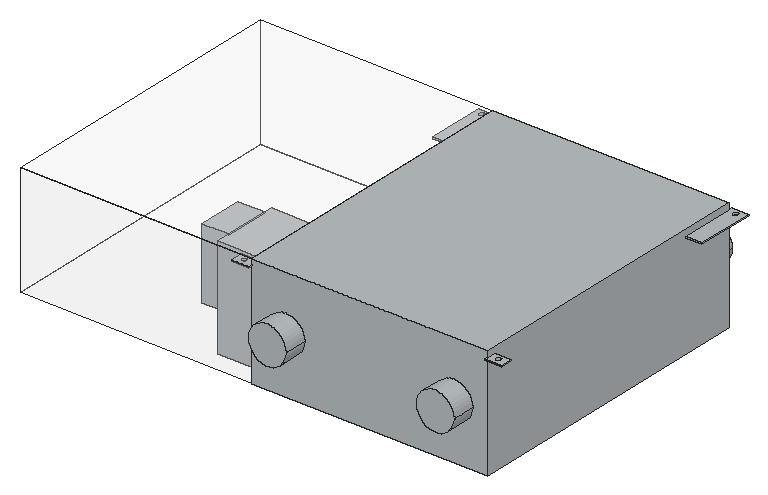
Revit family "lgh-rn15_100rxv(d)-c_60Hz", category 機械設備, Revit 2019
Family settings
  丸型コネクタ寸法 = 直径を使用
  パーツ タイプ = 割り込み
  OmniClass 番号 = 23.75.10.34.21
  OmniClass タイトル = Heat Exchangers for Ventilation Air
  作業面ベース = いいえ
  常に垂直 = はい
  ロード時にボイドで切り取り = いいえ
  共有 = いいえ
  部屋計算ポイント = はい
Parameters (values of type "LGH-RN15RXV2-C")
  騒音レベル(dB(A)) = 31
  風量 = MAX風量  # 150.0 m³/h
  面風速 = 5.31 m/s
  電源種別 [instance] = "一般"
  電圧 = 100 V
  電動機出力 = 0 W
  集中コントローラ = ""
  運転質量 = 0.00 kg
  連動 [instance] = ""
  質量 = if(製品質量 > 運転質量, 製品質量, 運転質量) * 1.2  # 27.60 kg
  負荷分類 = 3_ファン類
  説明 = "業務用ロスナイ 天井埋込形 DCリプレースマイコン CO2センサー付"
  設計風量 = 0.0 m³/h
  設置方法 = "天井吊(隠ぺい)形"
  記号 [instance] = ""
  製造元 = "三菱電機株式会社"
  製品質量 = 23.00 kg
  製品出荷対象 = "国内"
  製品リリース年月 = "2023/5/15"
  製品グループ = ""
  系統 [instance] = ""
  符号 [instance] = "HEU"
  積算_科目 = "1 空気調和設備"
  積算_拾い区分 [instance] = ""
  相 = 1
  盤記号 [instance] = ""
  発停方法 [instance] = ""
  特殊仕様 [instance] = ""
  点検口高さ = -Height / 2  # -145 mm
  点検口 = yes
  火災停止 [instance] = ""
  温度交換効率_特強 = 74.00%
  温度交換効率_強 = 74.00%
  温度交換効率_弱 = 78.00%
  消費電力 = 85 W
  法定耐用年数 = "15"
  機外静圧_排気 = 210.0 Pa
  機外静圧 = 210.0 Pa
  極数 = 2
  材質 [instance] = ""
  本体マテリアル = 溶融亜鉛めっき鋼板
  操作・制御方式 = ""
  操作・制御スイッチ = ""
  排気量 = 0.0 m³/h
  形式 = "天井埋込ダクト形"
  形名 = LGH-RN-1 : LGH-RN15-1
  幹線記号 [instance] = ""
  対象室 [instance] = ""
  実風量 = 0.0 m³/h
  始動方式 [instance] = "直入"
  外気量 = 設計風量  # 0.0 m³/h
  呼称 = "全熱交換ユニット"
  周波数 = 60 Hz
  天吊金具ピッチ幅 = 658 mm
  天吊金具ピッチ奥行 = 768 mm
  参照している仕様書等のバージョン = ""
  初期抵抗 = 0.0 Pa
  分類コード = "50052504100070"
  分類グループ = ""
  価格 = 463200
  企業コード = "108420"
  付属品_フィルター_還気 = ""
  付属品_フィルター = ""
  付属品 [instance] = ""
  仕様書バージョン = "Version1.0"
  モデル = "LGH-RN15RXV2-C"
  ダクト径 = 100 mm
  OAダクト変更表示 = no
  EAダクト変更表示 = no
  サービススペース = yes
  コメント [instance] = ""
  Keynote = ""
  エンタルピ交換効率_暖房_特強 = 75.50%
  エンタルピ交換効率_暖房_強 = 75.50%
  エンタルピ交換効率_暖房_弱 = 79.00%
  エンタルピ交換効率_冷房_特強 = 64.50%
  エンタルピ交換効率_冷房_強 = 64.50%
  エンタルピ交換効率_冷房_弱 = 69.00%
  Width = 610 mm
  Version = ""
  Uniclass2015Version = "Systems v1.9"
  Uniclass2015Title = "Thermal wheels"
  Uniclass2015Code = "Pr_60_60_36_88"
  URL = "https://www.mitsubishielectric.co.jp/ldg/wink/qr/002/324453/"
  SpecificationReference = ""
  SpecificationDescription = ""
  SMAX風量 = 150.0 m³/h
  SMAX静圧 = 210.0 Pa
  SAサイズ_D = 97.5 mm
  Revision = ""
  RAサイズ_D = 97.5 mm
  ProductInformation = ""
  OmniClassCode = "23-27 23 19 11"
  OAサイズ_W = 0 mm
  OAサイズ_D = 97.5 mm
  MIN風量 = 66.0 m³/h
  MIN静圧 = 35.0 Pa
  MID風量 = 108.0 m³/h
  MID静圧 = 93.0 Pa
  MAX風量 = 150.0 m³/h
  MAX静圧 = 180.0 Pa
  M = 59 mm
  IfcTypeProduct = ""
  IfcProduct = ""
  IfcExportType = "ROTARYWHEEL"
  IfcExportAs = "IfcAirToAirHeatRecoveryType"
  Height = 290 mm
  EAサイズ_W = 0 mm
  EAサイズ_D = 97.5 mm
  Depth = 780 mm
  Clearance Top = 0 mm  # constant formula
  Clearance Right = 0 mm  # constant formula
  Clearance Left = 600 mm  # constant formula
  Clearance Front = 0 mm  # constant formula
  Clearance Bottom = 0 mm  # constant formula
  Clearance Back = 0 mm  # constant formula
  Author = "三菱電機株式会社"
Types (14, lengths in mm): name | 騒音レベル(dB(A)) | 風量 | 面風速 | 電圧 | 質量 | 製品質量 | 点検口高さ | 温度交換効率_特強 | 温度交換効率_強 | 温度交換効率_弱 | 消費電力 | 機外静圧_排気 | 機外静圧 | 極数 | 形名 | 天吊金具ピッチ幅 | 天吊金具ピッチ奥行 | 価格 | モデル | ダクト径 | エンタルピ交換効率_暖房_特強 | エンタルピ交換効率_暖房_強 | エンタルピ交換効率_暖房_弱 | エンタルピ交換効率_冷房_特強 | エンタルピ交換効率_冷房_強 | エンタルピ交換効率_冷房_弱 | Width | URL | SMAX風量 | SMAX静圧 | SAサイズ_D | RAサイズ_D | OAサイズ_D | MIN風量 | MIN静圧 | MID風量 | MID静圧 | MAX風量 | MAX静圧 | M | Height | EAサイズ_D | Depth
  LGH-RN15RXV2-C | 31 | 150.0 m³/h | 5.31 m/s | 100 V | 27.60 kg | 23.00 kg | -145 | 74.00% | 74.00% | 78.00% | 85 W | 210.0 Pa | 210.0 Pa | 2 | LGH-RN-1 : LGH-RN15-1 | 658 | 768 | 463200 | "LGH-RN15RXV2-C" | 100 | 75.50% | 75.50% | 79.00% | 64.50% | 64.50% | 69.00% | 610 | "https://www.mitsubishielectric.co.jp/ldg/wink/qr/002/324453/" | 150.0 m³/h | 210.0 Pa | 97.5 | 97.5 | 97.5 | 66.0 m³/h | 35.0 Pa | 108.0 m³/h | 93.0 Pa | 150.0 m³/h | 180.0 Pa | 59 | 290 | 97.5 | 780
  LGH-RN15RXV2D-C | 31 | 150.0 m³/h | 5.31 m/s | 200 V | 27.60 kg | 23.00 kg | -145 | 74.00% | 74.00% | 78.00% | 85 W | 210.0 Pa | 210.0 Pa | 3 | LGH-RN-1 : LGH-RN15-1 | 658 | 768 | 463200 | "LGH-RN15RXV2D-C" | 100 | 75.50% | 75.50% | 79.00% | 64.50% | 64.50% | 69.00% | 610 | "https://www.mitsubishielectric.co.jp/ldg/wink/qr/002/324454/" | 150.0 m³/h | 210.0 Pa | 97.5 | 97.5 | 97.5 | 66.0 m³/h | 35.0 Pa | 108.0 m³/h | 93.0 Pa | 150.0 m³/h | 180.0 Pa | 59 | 290 | 97.5 | 780
  LGH-RN25RXV2-C | 30 | 250.0 m³/h | 3.93 m/s | 100 V | 28.80 kg | 24.00 kg | -145 | 70.00% | 70.00% | 78.00% | 110 W | 170.0 Pa | 170.0 Pa | 2 | LGH-RN-1 : LGH-RN25-1 | 782 | 768 | 487200 | "LGH-RN25RXV2-C" | 150 | 73.00% | 73.00% | 78.50% | 63.00% | 63.00% | 68.50% | 735 | "https://www.mitsubishielectric.co.jp/ldg/wink/qr/002/324456/" | 250.0 m³/h | 170.0 Pa | 142 | 142 | 142 | 110.0 m³/h | 28.0 Pa | 180.0 m³/h | 75.0 Pa | 250.0 m³/h | 145.0 Pa | 69 | 290 | 142 | 780
  LGH-RN25RXV2D-C | 30 | 250.0 m³/h | 3.93 m/s | 200 V | 28.80 kg | 24.00 kg | -145 | 70.00% | 70.00% | 78.00% | 110 W | 170.0 Pa | 170.0 Pa | 3 | LGH-RN-1 : LGH-RN25-1 | 782 | 768 | 487200 | "LGH-RN25RXV2D-C" | 150 | 73.00% | 73.00% | 78.50% | 63.00% | 63.00% | 68.50% | 735 | "https://www.mitsubishielectric.co.jp/ldg/wink/qr/002/324457/" | 250.0 m³/h | 170.0 Pa | 142 | 142 | 142 | 110.0 m³/h | 28.0 Pa | 180.0 m³/h | 75.0 Pa | 250.0 m³/h | 145.0 Pa | 69 | 290 | 142 | 780
  LGH-RN35RXV2-C | 33 | 350.0 m³/h | 5.5 m/s | 100 V | 39.60 kg | 33.00 kg | -165 | 71.50% | 71.50% | 75.00% | 210 W | 300.0 Pa | 300.0 Pa | 2 | LGH-RN-1 : LGH-RN35-1 | 921 | 875 | 516200 | "LGH-RN35RXV2-C" | 150 | 74.50% | 74.50% | 78.50% | 65.50% | 65.50% | 66.50% | 875 | "https://www.mitsubishielectric.co.jp/ldg/wink/qr/002/324458/" | 350.0 m³/h | 300.0 Pa | 142 | 142 | 142 | 154.0 m³/h | 36.0 Pa | 252.0 m³/h | 96.0 Pa | 350.0 m³/h | 185.0 Pa | 69 | 330 | 142 | 890
  LGH-RN35RXV2D-C | 33 | 350.0 m³/h | 5.5 m/s | 200 V | 39.60 kg | 33.00 kg | -165 | 71.50% | 71.50% | 75.00% | 210 W | 300.0 Pa | 300.0 Pa | 3 | LGH-RN-1 : LGH-RN35-1 | 921 | 875 | 516200 | "LGH-RN35RXV2D-C" | 150 | 74.50% | 74.50% | 78.50% | 65.50% | 65.50% | 66.50% | 875 | "https://www.mitsubishielectric.co.jp/ldg/wink/qr/002/324459/" | 350.0 m³/h | 300.0 Pa | 142 | 142 | 142 | 154.0 m³/h | 36.0 Pa | 252.0 m³/h | 96.0 Pa | 350.0 m³/h | 185.0 Pa | 69 | 330 | 142 | 890
  LGH-RN50RXV2-C | 37 | 500.0 m³/h | 4.42 m/s | 100 V | 44.40 kg | 37.00 kg | -165 | 71.00% | 71.00% | 75.00% | 315 W | 310.0 Pa | 310.0 Pa | 2 | LGH-RN-1 : LGH-RN50-1 | 1063 | 875 | 584200 | "LGH-RN50RXV2-C" | 200 | 73.00% | 73.00% | 77.50% | 63.00% | 63.00% | 66.50% | 1020 | "https://www.mitsubishielectric.co.jp/ldg/wink/qr/002/324460/" | 500.0 m³/h | 310.0 Pa | 192 | 192 | 192 | 220.0 m³/h | 37.0 Pa | 360.0 m³/h | 98.0 Pa | 500.0 m³/h | 190.0 Pa | 84 | 330 | 192 | 890
  LGH-RN50RXV2D-C | 37 | 500.0 m³/h | 4.42 m/s | 200 V | 44.40 kg | 37.00 kg | -165 | 71.00% | 71.00% | 75.00% | 315 W | 310.0 Pa | 310.0 Pa | 3 | LGH-RN-1 : LGH-RN50-1 | 1063 | 875 | 584200 | "LGH-RN50RXV2D-C" | 200 | 73.00% | 73.00% | 77.50% | 63.00% | 63.00% | 66.50% | 1020 | "https://www.mitsubishielectric.co.jp/ldg/wink/qr/002/324461/" | 500.0 m³/h | 310.0 Pa | 192 | 192 | 192 | 220.0 m³/h | 37.0 Pa | 360.0 m³/h | 98.0 Pa | 500.0 m³/h | 190.0 Pa | 84 | 330 | 192 | 890
  LGH-RN65RXV2-C | 40 | 650.0 m³/h | 5.75 m/s | 100 V | 51.60 kg | 43.00 kg | -202 | 71.50% | 71.50% | 76.00% | 445 W | 320.0 Pa | 320.0 Pa | 2 | LGH-RN-1 : LGH-RN65-1 | 1001 | 895 | 716200 | "LGH-RN65RXV2-C" | 200 | 72.00% | 72.00% | 76.00% | 63.00% | 63.00% | 67.00% | 892 | "https://www.mitsubishielectric.co.jp/ldg/wink/qr/002/324462/" | 650.0 m³/h | 320.0 Pa | 192 | 192 | 192 | 286.0 m³/h | 45.0 Pa | 468.0 m³/h | 119.0 Pa | 650.0 m³/h | 230.0 Pa | 84 | 404 | 192 | 984
  LGH-RN65RXV2D-C | 40 | 650.0 m³/h | 5.75 m/s | 200 V | 51.60 kg | 43.00 kg | -202 | 71.50% | 71.50% | 76.00% | 445 W | 320.0 Pa | 320.0 Pa | 3 | LGH-RN-1 : LGH-RN65-1 | 1001 | 895 | 716200 | "LGH-RN65RXV2D-C" | 200 | 72.00% | 72.00% | 76.00% | 63.00% | 63.00% | 67.00% | 892 | "https://www.mitsubishielectric.co.jp/ldg/wink/qr/002/324463/" | 650.0 m³/h | 320.0 Pa | 192 | 192 | 192 | 286.0 m³/h | 45.0 Pa | 468.0 m³/h | 119.0 Pa | 650.0 m³/h | 230.0 Pa | 84 | 404 | 192 | 984
  LGH-RN80RXV2-C | 40 | 800.0 m³/h | 4.53 m/s | 100 V | 63.60 kg | 53.00 kg | -202 | 73.00% | 73.00% | 76.50% | 540 W | 310.0 Pa | 310.0 Pa | 2 | LGH-RN-1 : LGH-RN80-1 | 1051 | 1131 | 817200 | "LGH-RN80RXV2-C" | 250 | 75.00% | 75.00% | 78.00% | 65.00% | 65.00% | 68.00% | 1004 | "https://www.mitsubishielectric.co.jp/ldg/wink/qr/002/324464/" | 800.0 m³/h | 310.0 Pa | 242 | 242 | 242 | 352.0 m³/h | 37.0 Pa | 576.0 m³/h | 98.0 Pa | 800.0 m³/h | 190.0 Pa | 84 | 404 | 242 | 1144
  LGH-RN80RXV2D-C | 40 | 800.0 m³/h | 4.53 m/s | 200 V | 63.60 kg | 53.00 kg | -202 | 73.00% | 73.00% | 76.50% | 540 W | 310.0 Pa | 310.0 Pa | 3 | LGH-RN-1 : LGH-RN80-1 | 1051 | 1131 | 817200 | "LGH-RN80RXV2D-C" | 250 | 75.00% | 75.00% | 78.00% | 65.00% | 65.00% | 68.00% | 1004 | "https://www.mitsubishielectric.co.jp/ldg/wink/qr/002/324465/" | 800.0 m³/h | 310.0 Pa | 242 | 242 | 242 | 352.0 m³/h | 37.0 Pa | 576.0 m³/h | 98.0 Pa | 800.0 m³/h | 190.0 Pa | 84 | 404 | 242 | 1144
  LGH-RN100RXV2-C | 38 | 1000.0 m³/h | 5.66 m/s | 100 V | 69.60 kg | 58.00 kg | -202 | 73.00% | 73.00% | 75.00% | 580 W | 225.0 Pa | 225.0 Pa | 2 | LGH-RN-1 : LGH-RN100-1 | 1278 | 1131 | 903200 | "LGH-RN100RXV2-C" | 250 | 75.00% | 75.00% | 76.50% | 65.00% | 65.00% | 67.50% | 1231 | "https://www.mitsubishielectric.co.jp/ldg/wink/qr/002/324450/" | 1000.0 m³/h | 225.0 Pa | 242 | 242 | 242 | 440.0 m³/h | 32.0 Pa | 720.0 m³/h | 86.0 Pa | 1000.0 m³/h | 165.0 Pa | 84 | 404 | 242 | 1144
  LGH-RN100RXV2D-C | 38 | 1000.0 m³/h | 5.66 m/s | 200 V | 69.60 kg | 58.00 kg | -202 | 73.00% | 73.00% | 75.00% | 580 W | 225.0 Pa | 225.0 Pa | 3 | LGH-RN-1 : LGH-RN100-1 | 1278 | 1131 | 903200 | "LGH-RN100RXV2D-C" | 250 | 75.00% | 75.00% | 76.50% | 65.00% | 65.00% | 67.50% | 1231 | "https://www.mitsubishielectric.co.jp/ldg/wink/qr/002/324451/" | 1000.0 m³/h | 225.0 Pa | 242 | 242 | 242 | 440.0 m³/h | 32.0 Pa | 720.0 m³/h | 86.0 Pa | 1000.0 m³/h | 165.0 Pa | 84 | 404 | 242 | 1144
Reference planes
  plane 1 "中心(正面/背面)": y = 0
  plane 2: z = 0
  plane 3 "中心(左/右)": x = 0
  plane 4 "4": x = 0
  plane 5 "3": x = 0
  plane 6 "左": x = -305
  plane 7 "右": x = 305
  plane 8 "背面": y = 390
  plane 9 "正面": y = -390
  plane 10: z = 145
  plane 11: y = 384
  plane 12: y = -384
  plane 13: x = 329
  plane 14: x = -329
  plane 15: z = -145
  plane 16: y = 390
  plane 17: y = -390
  plane 18: x = 305
  plane 19: x = -905
  plane 20: z = 145
  plane 21: z = -145
  plane 22: y = 225
  plane 23: x = -455
  plane 24: y = -225
Dimensions and locks
  equal spacing: plane 6 "左", plane 5 "3", plane 7 "右"
  "Width": plane 6 "左" to plane 7 "右"
  equal spacing: plane 9 "正面", plane 1 "中心(正面/背面)", plane 8 "背面"
  "Depth": plane 9 "正面" to plane 8 "背面"
  equal spacing: plane 10, level, plane 15
  "Height": plane 10 to plane 15
  equal spacing: plane 14, plane 5 "3", plane 13
  "天吊金具ピッチ幅": plane 14 to plane 13
  equal spacing: plane 12, plane 1 "中心(正面/背面)", plane 11
  "天吊金具ピッチ奥行": plane 12 to plane 11
  "Clearance Front": plane 17 to plane 9 "正面"
  "Clearance Back": plane 8 "背面" to plane 16
  "Clearance Right": plane 7 "右" to plane 18
  "Clearance Left": plane 19 to plane 6 "左"
  "Clearance Bottom": plane 15 to plane 21
  "Clearance Top": plane 20 to plane 10
  plane 17 to plane 9 "正面" = 0 mm
  locked: plane 19 to plane 23 at 450
  equal spacing: plane 24, plane 1 "中心(正面/背面)", plane 22
  locked: plane 24 to plane 22 at 450
  aligned and locked: level to plane 2
  aligned and locked: nested 1 to plane 11
  aligned and locked: plane 12 to nested 1
  aligned and locked: plane 14 to nested 1
  aligned and locked: plane 13 to nested 1
  aligned and locked: plane 10 to nested 2
  aligned and locked: plane 19 to nested 3
  aligned and locked: plane 20 to nested 3
  aligned and locked: plane 21 to nested 3
  aligned and locked: plane 17 to nested 3
  aligned and locked: plane 1 "中心(正面/背面)" to nested 2
  aligned and locked: nested 2 to plane 5 "3"
  aligned and locked: plane 16 to nested 3
  aligned and locked: plane 6 "左" to nested 3
  aligned and locked: plane 23 to nested 4
  aligned and locked: nested 4 to plane 24
  aligned and locked: plane 19 to nested 4
  aligned and locked: plane 22 to nested 4
Nested families
  nested 1: "固定点" at (-329, -384, 0), type "固定点"
    with W 658 mm, D 768 mm
  nested 2: "LGH-RN-1" at (0, 0, -145) x (0, -1, 0) z (0, 0, 1), type <- "形名", type "LGH-RN15-1"
  nested 3: "サービススペース" at (-605, 0, 0), visible <- "サービススペース", type "サービススペース"
    with Width 600 mm, Height 290 mm, Depth 780 mm
  nested 4: "点検口設置範囲" at (-680, 0, -145), visible <- "点検口", built-in parameter 1001364 <- "点検口高さ", type "点検口設置範囲"
    with Width 450 mm, Depth 450 mm
Connectors
  hvac at (-217.5, -449, 0), driven by "ダクト径", driven by "機外静圧", driven by "風量"
    settings: on nested 2, index 2, duct flow 150.0 m³/h, flow factor 0, pres drop 210.0 Pa, loss coef 0, conn angle 0.00°, conn width 304.8 mm, conn height 304.8 mm, conn diameter 100 mm, duct sys type 1, conn prof type 0, flow config 0, flow direction 2, loss method 4, conn ref index -1, conn util no, is conn primary yes, conn desc ""
  hvac at (217.5, -449, 0), driven by "ダクト径", driven by "機外静圧", driven by "風量"
    settings: on nested 2, index 3, duct flow 150.0 m³/h, flow factor 0, pres drop 210.0 Pa, loss coef 0, conn angle 0.00°, conn width 304.8 mm, conn height 304.8 mm, conn diameter 100 mm, duct sys type 2, conn prof type 0, flow config 0, flow direction 1, loss method 4, conn ref index -1, conn util no, is conn primary no, conn desc ""
  hvac at (-217.5, 449, 0), driven by "ダクト径", driven by "機外静圧", driven by "外気量"
    settings: on nested 2, index 5, duct flow 0.0 m³/h, flow factor 0, pres drop 210.0 Pa, loss coef 0, conn angle 0.00°, conn width 304.8 mm, conn height 304.8 mm, conn diameter 100 mm, duct sys type 4, conn prof type 0, flow config 0, flow direction 1, loss method 4, conn ref index -1, conn util no, is conn primary no, conn desc ""
  hvac at (364, 272, 0), driven by "ダクト径", driven by "機外静圧", driven by "排気量"
    settings: on nested 2, index 7, duct flow 0.0 m³/h, flow factor 0, pres drop 210.0 Pa, loss coef 0, conn angle 0.00°, conn width 304.8 mm, conn height 304.8 mm, conn diameter 100 mm, duct sys type 3, conn prof type 0, flow config 0, flow direction 2, loss method 4, conn ref index -1, conn util no, is conn primary no, conn desc ""
  hvac at (-364, 272, 0), driven by "ダクト径", driven by "機外静圧", driven by "外気量"
    settings: on nested 2, index 8, duct flow 0.0 m³/h, flow factor 0, pres drop 210.0 Pa, loss coef 0, conn angle 0.00°, conn width 304.8 mm, conn height 304.8 mm, conn diameter 100 mm, duct sys type 4, conn prof type 0, flow config 0, flow direction 1, loss method 4, conn ref index -1, conn util no, is conn primary no, conn desc ""
  hvac at (217.5, 449, 0), driven by "ダクト径", driven by "機外静圧", driven by "排気量"
    settings: on nested 2, index 9, duct flow 0.0 m³/h, flow factor 0, pres drop 210.0 Pa, loss coef 0, conn angle 0.00°, conn width 304.8 mm, conn height 304.8 mm, conn diameter 100 mm, duct sys type 3, conn prof type 0, flow config 0, flow direction 2, loss method 4, conn ref index -1, conn util no, is conn primary no, conn desc ""
  electrical at (-362.5, -357, -0.5), driven by "極数", driven by "負荷分類", driven by "電圧", driven by "消費電力"
    settings: on nested 2, index 10, voltage 100 V, apparent load 85 VA, apparent load phase1 0 VA, apparent load phase2 0 VA, apparent load phase3 0 VA, power factor 1, load classification "3_ファン類", number of poles 2, system type 30, power factor state 1, is connector primary yes, connector utility no, sub classification motor no, connector description ""
Definition of nested family "LGH-RN-1"
  Parameters (values of type "LGH-RN65-1")
    吊りボルト-φ = 13 mm
    吊りボルト-W1 = 895 mm
    吊りボルト-D1 = 1001 mm
    マテリアル = none
    ダクト間 = 620 mm
    ダクト変更位置 = 122 mm
    OA変更 = no
    OA標準 = not(OA変更)  # yes
    EA変更 = no
    EA標準 = not(EA変更)  # yes
    コントロール手前位置 = 71 mm
    コントロール上位置 = 57 mm
    φ = 192 mm
    吊りボルト-H = 15 mm
    M = 84 mm
    W = 984 mm
    H = 404 mm
    D = 892 mm
    CO2センサー手前位置 = 107 mm
    CO2センサー上位置 = 56 mm
  Types (7, lengths in mm): name | 吊りボルト-W1 | 吊りボルト-D1 | ダクト間 | ダクト変更位置 | コントロール手前位置 | コントロール上位置 | φ | 吊りボルト-H | M | W | H | D | CO2センサー手前位置 | CO2センサー上位置
    LGH-RN100-1 | 1131 | 1278 | 917 | 165 | 146 | 88 | 242 | 15 | 84 | 1144 | 404 | 1231 | 182 | 87
    LGH-RN80-1 | 1131 | 1051 | 690 | 165 | 146 | 88 | 242 | 15 | 84 | 1144 | 404 | 1004 | 182 | 87
    LGH-RN65-1 | 895 | 1001 | 620 | 122 | 71 | 57 | 192 | 15 | 84 | 984 | 404 | 892 | 107 | 56
    LGH-RN35-1 | 875 | 921 | 600 | 140 | 68 | 23 | 142 | 19 | 69 | 890 | 330 | 875 | 104 | 22
    LGH-RN25-1 | 768 | 782 | 520 | 118 | 33 | 15 | 142 | 15 | 69 | 780 | 290 | 735 | 69 | 14
    LGH-RN50-1 | 875 | 1063 | 700 | 130 | 68 | 23 | 192 | 19 | 84 | 890 | 330 | 1020 | 104 | 22
    LGH-RN15-1 | 768 | 658 | 435 | 118 | 33 | 15 | 97.5 | 15 | 59 | 780 | 290 | 610 | 69 | 14
  Reference planes
    plane 1 "中心(正面/背面)": y = 0
    plane 2: z = 0
    plane 3 "中心(左/右)": x = 0
    plane 4: y = 446
    plane 5: y = 500.5
    plane 6: y = 520.5
    plane 7: y = -446
    plane 8: y = -500.5
    plane 9: y = -520.5
    plane 10: x = -492
    plane 11: x = 492
    plane 12: z = 404
    plane 13: x = -213
    plane 14: x = 576
    plane 15: x = -576
    plane 16: z = 202
    plane 17: y = 310
    plane 18: y = -310
    plane 19: x = -447.5
    plane 20: x = 447.5
    plane 21: x = 164
    plane 22: x = -164
    plane 23: y = -561
    plane 24: y = -630
    plane 25: x = 421
    plane 26: x = 381.333
    plane 27: x = 246
    plane 28: z = 336.667
    plane 29: z = 269.333
    plane 30: z = 134.667
    plane 31: z = 67.333
    plane 32: x = 385
    plane 33: x = 270
    plane 34: x = -501
    plane 35: x = 501
    plane 36: x = 432.5
    plane 37: x = -312.5
    plane 38: z = 389
    plane 39: z = 386
    plane 40: z = 347
    plane 41: z = 348
    plane 42: z = 165
    plane 43: z = 86
    plane 44: x = -370
    plane 45: y = 530
    plane 46: y = -530
  Forms (mm)
    Extrusion 1, solid, material <- "マテリアル", detail levels fine
      sketch origin (0, 0, 0) x (1, 0, 0) y (0, 1, 0)
        loop
          line (-492, 446) -> (-492, -446) -> (492, -446) -> (492, 446) -> (-492, 446)
      from 0 to 404
    Extrusion 2, solid, material <- "マテリアル", visible <- "OA標準", detail levels fine
      sketch origin (0, 0, 0) x (0, 1, 0) y (0, 0, 1)
        loop
          circle (-310, 202) r 96
      from -492 to -576
    Extrusion 3, solid, material <- "マテリアル", detail levels fine
      sketch origin (0, 0, 0) x (0, 1, 0) y (0, 0, -1)
        loop
          circle (-310, -202) r 96
        loop
          circle (310, -202) r 96
      from -492 to -576
    Extrusion 4, solid, material <- "マテリアル", detail levels fine
      sketch origin (0, 0, 0) x (1, 0, 0) y (0, 0, 1)
        loop
          line (246, 347) -> (246, 86) -> (421, 86) -> (421, 347) -> (246, 347)
      from 446 to 561
    Extrusion 5, solid, material <- "マテリアル", detail levels fine
      sketch origin (0, 0, 0) x (1, 0, 0) y (0, 0, 1)
        loop
          line (270, 348) -> (270, 165) -> (385, 165) -> (385, 348) -> (270, 348)
      from 561 to 630
    Extrusion 6, solid, material <- "マテリアル", detail levels fine
      sketch origin (0, 0, 0) x (1, 0, 0) y (0, 1, 0)
        loop
          line (-501, 520.5) -> (-501, 446) -> (-312.5, 446) -> (-312.5, 520.5) -> (-501, 520.5)
        loop
          line (-501, -446) -> (-501, -520.5) -> (-312.5, -520.5) -> (-312.5, -446) -> (-501, -446)
        loop
          line (432.5, 520.5) -> (432.5, 446) -> (501, 446) -> (501, 520.5) -> (432.5, 520.5)
        loop
          line (432.5, -520.5) -> (501, -520.5) -> (501, -446) -> (432.5, -446) -> (432.5, -520.5)
        loop
          circle (-447.5, 500.5) r 6.5
        loop
          circle (447.5, 500.5) r 6.5
        loop
          circle (-447.5, -500.5) r 6.5
        loop
          circle (447.5, -500.5) r 6.5
      from 386 to 389
    Extrusion 7, solid, material <- "マテリアル", visible <- "OA変更", detail levels fine
      sketch origin (0, 0, 0) x (1, 0, 0) y (0, 0, 1)
        loop
          circle (-370, 202) r 96
      from 446 to 530
    Extrusion 8, solid, material <- "マテリアル", visible <- "EA変更", detail levels fine
      sketch origin (0, 0, 0) x (1, 0, 0) y (0, 0, -1)
        loop
          circle (-370, -202) r 96
      from 446 to 530
    Extrusion 9, solid, material <- "マテリアル", visible <- "EA標準", detail levels fine
      sketch origin (0, 435, 0) x (0, 1, 0) y (0, 0, 1)
        loop
          circle (-125, 202) r 96
      from -492 to -576
  Dimensions and locks
    "W": plane 10 to plane 11
    "吊りボルト-D1": plane 8 to plane 5
    "D": plane 7 to plane 4
    equal spacing: plane 7, plane 1 "中心(正面/背面)", plane 4
    equal spacing: plane 10, plane 3 "中心(左/右)", plane 11
    "H": plane 12 to level
    "M": plane 15 to plane 10
    "M": plane 11 to plane 14
    equal spacing: plane 8, plane 1 "中心(正面/背面)", plane 5
    equal spacing: plane 18, plane 1 "中心(正面/背面)", plane 17
    "ダクト間": plane 18 to plane 17
    equal spacing: plane 19, plane 3 "中心(左/右)", plane 20
    "吊りボルト-W1": plane 19 to plane 20
    plane 15 to plane 14 = 1152 mm
    equal spacing: plane 10, plane 22, plane 21, plane 11
    plane 11 to plane 21 to plane 22 to plane 10 = 328 mm, 328 mm, 328 mm
    locked: plane 23 to plane 7 at 115
    locked: plane 24 to plane 7 at 184
    equal spacing: plane 12, plane 28, plane 29, plane 16, plane 30, plane 31, level
    locked: plane 5 to plane 6 at 20
    locked: plane 9 to plane 8 at 20
    locked: plane 38 to plane 39 at 3
    "吊りボルト-H": plane 12 to plane 38
    locked: plane 19 to plane 37 at 135
    locked: plane 36 to plane 20 at 15
    locked: plane 34 to plane 10 at 9
    locked: plane 11 to plane 35 at 9
    "コントロール手前位置": plane 25 to plane 11
    locked: plane 33 to plane 32 at 115
    locked: plane 27 to plane 25 at 175
    "CO2センサー手前位置": plane 32 to plane 11
    "コントロール上位置": plane 12 to plane 40
    "CO2センサー上位置": plane 12 to plane 41
    locked: plane 41 to plane 42 at 183
    locked: plane 40 to plane 43 at 261
    "ダクト変更位置": plane 10 to plane 44
    "M": plane 4 to plane 45
    "M": plane 46 to plane 7
    "φ": diameter of Extrusion 2 sketch curve
    "φ": diameter of Extrusion 3 sketch curve  (x2)
    "吊りボルト-φ": diameter of Extrusion 6 sketch curve  (x4)
    "φ": diameter of Extrusion 7 sketch curve
    "φ": diameter of Extrusion 8 sketch curve
    "φ": diameter of Extrusion 9 sketch curve
    aligned and locked: level to plane 2
    aligned and locked: plane 4 to Extrusion 1 sketch curve
    aligned and locked: plane 10 to Extrusion 1 sketch curve
    aligned and locked: Extrusion 1 sketch curve to plane 7
    aligned and locked: Extrusion 1 sketch curve to plane 11
    aligned and locked: plane 12 to Extrusion 1
    aligned and locked: plane 16 to Extrusion 2 sketch curve
    aligned and locked: Extrusion 2 to plane 15
    aligned and locked: plane 14 to Extrusion 3
    aligned and locked: plane 18 to Extrusion 3 sketch curve
    aligned and locked: plane 16 to Extrusion 3 sketch curve  (x2)
    aligned and locked: plane 18 to Extrusion 2 sketch curve
    aligned and locked: plane 17 to Extrusion 3 sketch curve
    aligned and locked: Extrusion 4 sketch curve to plane 25
    aligned and locked: plane 27 to Extrusion 4 sketch curve
    aligned and locked: plane 33 to Extrusion 5 sketch curve
    aligned and locked: Extrusion 5 sketch curve to plane 32
    aligned and locked: plane 7 to Extrusion 4
    aligned and locked: plane 23 to Extrusion 4
    aligned and locked: plane 23 to Extrusion 5
    aligned and locked: plane 24 to Extrusion 5
    aligned and locked: plane 6 to Extrusion 6 sketch curve  (x2)
    aligned and locked: plane 34 to Extrusion 6 sketch curve  (x2)
    aligned and locked: Extrusion 6 sketch curve to plane 4  (x2)
    aligned and locked: Extrusion 6 sketch curve to plane 37  (x2)
    aligned and locked: plane 7 to Extrusion 6 sketch curve
    aligned and locked: Extrusion 6 sketch curve to plane 9
    aligned and locked: Extrusion 6 sketch curve to plane 35
    aligned and locked: plane 9 to Extrusion 6 sketch curve
    aligned and locked: Extrusion 6 sketch curve to plane 7
    aligned and locked: plane 35 to Extrusion 6 sketch curve
    aligned and locked: plane 8 to Extrusion 6 sketch curve  (x2)
    aligned and locked: plane 5 to Extrusion 6 sketch curve  (x2)
    aligned and locked: plane 19 to Extrusion 6 sketch curve  (x2)
    aligned and locked: plane 20 to Extrusion 6 sketch curve  (x2)
    aligned and locked: Extrusion 6 to plane 39
    aligned and locked: plane 38 to Extrusion 6
    aligned and locked: Extrusion 6 sketch curve to plane 36  (x2)
    aligned and locked: Extrusion 5 sketch curve to plane 41
    aligned and locked: plane 42 to Extrusion 5 sketch curve
    aligned and locked: Extrusion 4 sketch curve to plane 40
    aligned and locked: plane 43 to Extrusion 4 sketch curve
    aligned and locked: plane 16 to Extrusion 7 sketch curve
    aligned and locked: plane 44 to Extrusion 7 sketch curve
    aligned and locked: plane 46 to Extrusion 7
    aligned and locked: Extrusion 8 to plane 45
    aligned and locked: plane 16 to Extrusion 8 sketch curve
    aligned and locked: plane 44 to Extrusion 8 sketch curve
    aligned and locked: plane 16 to Extrusion 9 sketch curve
    aligned and locked: plane 17 to Extrusion 9 sketch curve
    aligned and locked: Extrusion 9 to plane 15
    aligned and locked: Extrusion 3 to plane 11
    aligned and locked: plane 10 to Extrusion 9
    aligned and locked: plane 10 to Extrusion 2
    aligned and locked: plane 4 to Extrusion 8
    aligned and locked: Extrusion 7 to plane 7
Definition of nested family "サービススペース"
  Parameters (values of type "サービススペース")
    Width [instance] = 500 mm
    Height [instance] = 500 mm
    Depth [instance] = 500 mm
  Reference planes
    plane 1 "中心(正面/背面)": y = 0
    plane 2: z = 0
    plane 3 "中心(左/右)": x = 0
    plane 4: y = -250
    plane 5: x = 250
    plane 6: y = 250
    plane 7: x = -250
    plane 8: z = 250
    plane 9: z = -250
  Forms (mm)
    Extrusion 1, solid
      sketch origin (-638.939, 0, 72.39) x (1, 0, 0) y (0, 1, 0)
        loop
          line (388.939, 250) -> (388.939, -250) -> (888.939, -250) -> (888.939, 250) -> (388.939, 250)
      from -322.39 to 177.61
  Lines and regions (mm)
    symbolic lines
      curve 1: line (-250, 0, 250) -> (250, 0, 250)
      curve 2: line (-250, 0, -250) -> (-250, 0, 250)
      curve 3: line (250, 0, -250) -> (-250, 0, -250)
      curve 4: line (250, 0, 250) -> (250, 0, -250)
      curve 5: line (0, -250, 250) -> (0, 250, 250)
      curve 6: line (0, -250, -250) -> (0, -250, 250)
      curve 7: line (0, 250, -250) -> (0, -250, -250)
      curve 8: line (0, 250, 250) -> (0, 250, -250)
      curve 9: line (-250, 250, 0) -> (250, 250, 0)
      curve 10: line (-250, -250, 0) -> (-250, 250, 0)
      curve 11: line (250, -250, 0) -> (-250, -250, 0)
      curve 12: line (250, 250, 0) -> (250, -250, 0)
  Dimensions and locks
    equal spacing: plane 7, plane 3 "中心(左/右)", plane 5
    equal spacing: plane 4, plane 1 "中心(正面/背面)", plane 6
    "Depth": plane 4 to plane 6
    "Width": plane 7 to plane 5
    equal spacing: plane 8, plane 2, plane 9
    "Height": plane 8 to plane 9
    aligned and locked: plane 9 to curve 3
    aligned and locked: plane 7 to curve 2
    aligned and locked: curve 4 to plane 5
    aligned and locked: plane 5 to Extrusion 1
    aligned and locked: Extrusion 1 to plane 7
    aligned and locked: Extrusion 1 to plane 9
    aligned and locked: plane 8 to Extrusion 1
    aligned and locked: plane 9 to curve 7
  Automatic sketch dimensions
    plane 4 to Extrusion 1 sketch curve = 0 mm
    Extrusion 1 sketch curve to plane 7 = 0 mm
    Extrusion 1 sketch curve to plane 5 = 0 mm
    plane 6 to Extrusion 1 sketch curve = 0 mm
    curve 2 to plane 8 = 0 mm
    plane 4 to curve 11 = 0 mm
    curve 11 to plane 7 = 0 mm
    curve 11 to plane 5 = 0 mm
    plane 6 to curve 10 = 0 mm
    curve 7 to plane 4 = 0 mm
    curve 7 to plane 6 = 0 mm
    curve 6 to plane 8 = 0 mm
Definition of nested family "固定点"
  Parameters (values of type "固定点")
    中心円 = 11 mm
    W [instance] = 1000 mm
    D [instance] = 1000 mm
  Reference planes
    plane 1 "中心(正面/背面)": y = 0
    plane 2: z = 0
    plane 3 "中心(左/右)": x = 0
    plane 4: x = 1000
    plane 5: y = 1000
  Lines and regions (mm)
    symbolic lines, detail levels fine
      curve 1: circle (0, 1000, 0) r 5.5 normal (0, 0, 1)
      curve 2: circle (0, 0, 0) r 5.5 normal (0, 0, 1)
      curve 3: circle (1000, 1000, 0) r 5.5 normal (0, 0, 1)
      curve 4: circle (1000, 0, 0) r 5.5 normal (0, 0, 1)
      curve 5: line (-200, 1000, 0) -> (1200, 1000, 0)
      curve 6: line (-200, 0, 0) -> (1200, 0, 0)
      curve 7: line (0, 1200, 0) -> (0, -200, 0)
      curve 8: line (1000, 1200, 0) -> (1000, -200, 0)
  Dimensions and locks
    "W": plane 3 "中心(左/右)" to plane 4
    "D": plane 1 "中心(正面/背面)" to plane 5
    "中心円": diameter of curve 1
    "中心円": diameter of curve 2
    "中心円": diameter of curve 3
    "中心円": diameter of curve 4
    aligned and locked: level to plane 2
    aligned and locked: plane 5 to curve 1
    aligned and locked: plane 3 "中心(左/右)" to curve 1
    aligned and locked: plane 3 "中心(左/右)" to curve 2
    aligned and locked: plane 1 "中心(正面/背面)" to curve 2
    aligned and locked: plane 4 to curve 3
    aligned and locked: plane 5 to curve 3
    aligned and locked: plane 1 "中心(正面/背面)" to curve 4
    aligned and locked: plane 4 to curve 4
    aligned and locked: plane 1 "中心(正面/背面)" to curve 6
    aligned and locked: curve 7 to plane 3 "中心(左/右)"
    aligned and locked: curve 8 to plane 4
  Automatic sketch dimensions
    curve 5 to plane 5 = 0 mm
    curve 6 to plane 3 "中心(左/右)" = 200 mm
    curve 5 to plane 3 "中心(左/右)" = 200 mm
    curve 4 to curve 6 = 200 mm
    curve 3 to curve 5 = 200 mm
    plane 1 "中心(正面/背面)" to curve 8 = 200 mm
    plane 1 "中心(正面/背面)" to curve 7 = 200 mm
    curve 3 to curve 8 = 200 mm
    curve 1 to curve 7 = 200 mm
Definition of nested family "点検口設置範囲"
  Parameters (values of type "点検口設置範囲")
    Width [instance] = 1000 mm
    Depth [instance] = 700 mm
  Reference planes
    plane 1 "中心(正面/背面)": y = 0
    plane 2: z = 0
    plane 3 "中心(左/右)": x = 0
    plane 4: x = -500
    plane 5: x = 500
    plane 6: y = -350
    plane 7: y = 350
  Lines and regions (mm)
    model lines
      curve 1: line (-500, 350, 0) -> (500, 350, 0)
      curve 2: line (-500, -350, 0) -> (-500, 350, 0)
      curve 3: line (500, -350, 0) -> (-500, -350, 0)
      curve 4: line (500, 350, 0) -> (500, -350, 0)
  Dimensions and locks
    "Depth": plane 7 to plane 6
    "Width": plane 4 to plane 5
    equal spacing: plane 7, plane 1 "中心(正面/背面)", plane 6
    equal spacing: plane 4, plane 3 "中心(左/右)", plane 5
    aligned and locked: level to plane 2
    aligned and locked: plane 4 to curve 2
    aligned and locked: curve 1 to plane 7
    aligned and locked: curve 4 to plane 5
    aligned and locked: plane 6 to curve 3
